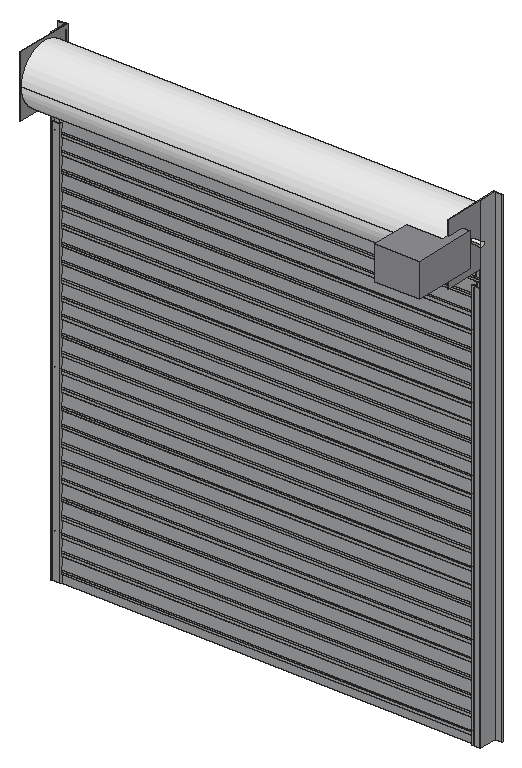
Revit family "Upward-Coiling-Security-Grilles_OHD_Model-674_compact", category Specialty Equipment, host Wall, Revit 2023 (continued)
Definition of nested family "Motor"
  Definition of nested family "2D_NotScalableMain_29e791da-3db9-4234-ab15-44456784202b"
    Lines and regions (in)
      Masking region 5, in view "Ref. Level", visible <- "Wall Mount"
        outline origin (0, 0, 0) x (1, 0, 0) y (0, 1, 0)
          loop
            line (2.988, 1.46193) -> (3.108, 1.46193) -> (3.108, 4.96193) -> (4.988, 4.96193) -> (4.988, 5.08193) -> (2.988, 5.08193) -> (2.988, 1.46193)
      Masking region 6, in view "Ref. Level", visible <- "Bench Mount"
        outline origin (0, 0, 0) x (1, 0, 0) y (0, 1, 0)
          loop
            line (-7.24, 9.2698) -> (-7.1205, 9.2698) -> (-7.1205, 9.1098) -> (-4.3324, 9.1098) -> (-4.3324, 17.4298) -> (-7.1205, 17.4298) -> (-7.1205, 17.2698) -> (-7.24, 17.2698) -> (-7.24, 9.2698)
      Masking region 7, in view "Ref. Level", visible <- "Chain Hoist"
        outline origin (0, -6.98957, 0) x (1, 0, 0) y (0, 1, 0)
          loop
            line (4.7396, 6.58957) -> (7.2495, 6.58957) -> (7.2495, 3.98957) -> (7.52, 3.98957) -> (7.52, 6.58957) -> (8.82, 6.58957) -> (8.82, 7.38957) -> (7.52, 7.38957) -> (7.52, 9.98957) -> (7.2495, 9.98957) -> (7.2495, 7.38957) -> (4.7396, 7.38957) -> (4.7396, 6.58957)
      Masking region 8, in view "Ref. Level", visible <- "E-Egress"
        outline origin (0, 0, 0) x (1, 0, 0) y (0, 1, 0)
          loop
            line (-6.9985, -0.96741) -> (-5.7485, -0.96741) -> (-5.7485, -0.30491) -> (-5.5274, -0.30491) -> (-5.5274, -1.76746) -> (-5.42825, -1.86661) -> (-4.5757, -1.86661) -> (-4.5757, -3.22517) -> (-4.134, -3.22517) -> (-4.134, -5.05565) -> (-4.3324, -5.05565) -> (-4.3324, -5.3122)
            arc (-4.3324, -5.3122) -> (-4.24466, -5.55085) -> (-4.02324, -5.67585) r 0.36846
            arc (-4.02324, -5.67585) -> (0, -6.0017) -> (4.02324, -5.67585) r 25
            arc (4.02324, -5.67585) -> (4.24466, -5.55085) -> (4.3324, -5.3122) r 0.36846
            line (4.3324, -5.3122) -> (4.3324, -5.05565) -> (4.116, -5.05565) -> (4.116, -3.22517) -> (4.57, -3.22517) -> (4.57, -1.27241) -> (4.799, -1.27241) -> (4.799, -0.84111) -> (5.199, -0.84111) -> (5.199, 0.79) -> (7.2495, 0.79) -> (7.2495, -1.81) -> (7.52, -1.81) -> (7.52, 0.79) -> (8.82, 0.79) -> (8.82, 1.59) -> (7.52, 1.59) -> (7.52, 4.19) -> (7.2495, 4.19) -> (7.2495, 1.59) -> (4.57, 1.59) -> (4.57, 3.22517) -> (2.988, 3.22517) -> (2.988, 4.96193) -> (-2.988, 4.96193) -> (-2.988, 3.22517) -> (-4.5757, 3.22517) -> (-4.5757, 1.86661) -> (-5.42825, 1.86661) -> (-5.5274, 1.76746) -> (-5.5274, 0.30491) -> (-5.7485, 0.30491) -> (-5.7485, 0.96741) -> (-6.9985, 0.96741) -> (-6.9985, -0.96741)
      reference lines, in view "Ref. Level"
        curve 1: line (0, 0, 0) -> (0, 0.125, 0)
        curve 2: line (0, 0, 0) -> (0.125, 0, 0)
      detail lines, in view "Ref. Level", visible <- "Not Top + Bench"
        curve 3: line (7.2495, 4.19, 0) -> (7.2495, -1.81, 0)
        curve 4: line (7.52, 4.19, 0) -> (7.52, -1.81, 0)
        curve 5: line (-4.134, -2.29347, 0) -> (-4.134, -5.05565, 0)
        curve 6: line (4.116, -2.29347, 0) -> (4.116, -5.05565, 0)
        curve 7: line (-4.134, -2.41307, 0) -> (4.116, -2.41307, 0)
        curve 8: line (4.116, -2.29347, 0) -> (3.108, -2.29347, 0)
        curve 9: line (2.988, -2.17347, 0) -> (2.988, 4.96193, 0)
        curve 10: line (2.988, 4.96193, 0) -> (-2.988, 4.96193, 0)
        curve 11: line (-2.988, 4.96193, 0) -> (-2.988, -2.17347, 0)
        curve 12: arc (-2.988, -2.17347, 0) -> (-3.02315, -2.25832, 0) -> (-3.108, -2.29347, 0) r 0.12
        curve 13: arc (3.108, -2.29347, 0) -> (3.02315, -2.25832, 0) -> (2.988, -2.17347, 0) r 0.12
        curve 14: line (4.57, -3.22517, 0) -> (4.57, 0.77483, 0)
        curve 15: line (4.799, -1.27241, 0) -> (4.799, 0.77483, 0)
        curve 16: line (5.199, -0.84111, 0) -> (5.199, 0.77483, 0)
        curve 17: line (-4.5757, -3.22517, 0) -> (-4.5757, 3.22517, 0)
        curve 18: line (-5.42825, -1.86661, 0) -> (-5.42825, 1.86661, 0)
        curve 19: line (-5.5274, 1.76746, 0) -> (-5.5274, -1.76746, 0)
        curve 20: line (-5.7485, -0.96741, 0) -> (-5.7485, 0.96741, 0)
        curve 21: line (-4.134, -2.29347, 0) -> (-3.108, -2.29347, 0)
        curve 22: line (5.199, 0.77483, 0) -> (2.988, 0.77483, 0)
        curve 23: line (4.57, 1.59, 0) -> (2.988, 1.59, 0)
      detail lines, in view "Ref. Level", visible <- "Top + Bench"
        curve 24: line (-4.5757, -3.22517, 0) -> (-4.5757, 3.22517, 0)
        curve 25: line (-5.42825, 1.86661, 0) -> (-5.42825, -1.86661, 0)
        curve 26: line (-5.5274, 1.76746, 0) -> (-5.5274, -1.76746, 0)
        curve 27: line (-5.7485, -0.96741, 0) -> (-5.7485, 0.96741, 0)
        curve 28: line (-4.3324, 1.8898, 0) -> (-4.3324, 19.24819, 0)
        curve 29: line (-4.3324, 1.8898, 0) -> (4.3324, 1.8898, 0)
        curve 30: line (4.3324, 1.8898, 0) -> (4.3324, 19.24819, 0)
        curve 31: line (4.57, 3.22517, 0) -> (4.57, -3.22517, 0)
        curve 32: line (4.799, 1.27241, 0) -> (4.799, -1.22759, 0)
        curve 37: line (2.988, 20.0298, 0) -> (2.988, 19.24819, 0)
        curve 38: line (-2.988, 20.0298, 0) -> (-2.988, 19.24819, 0)
        curve 39: line (-3.108, 19.24819, 0) -> (-0.988, 19.24819, 0)
        curve 40: line (0.988, 19.24819, 0) -> (3.108, 19.24819, 0)
      detail lines, in view "Ref. Level", visible <- "Chain Hoist"
        curve 33: line (7.2495, 3, 0) -> (7.2495, -3, 0)
        curve 34: line (7.52, -3, 0) -> (7.52, 3, 0)
      detail lines, in view "Ref. Level", visible <- "Bench Mount"
        curve 35: line (-7.1205, 17.4298, 0) -> (-7.1205, 9.1098, 0)
        curve 36: line (-6.9985, 17.4298, 0) -> (-6.9985, 9.1098, 0)
      detail lines, in view "Ref. Level", visible <- "E-Egress"
        curve 41: line (7.2495, 4.19, 0) -> (7.2495, -1.81, 0)
        curve 42: line (7.52, 4.19, 0) -> (7.52, -1.81, 0)
        curve 43: line (-4.134, -2.29347, 0) -> (-4.134, -5.05565, 0)
        curve 44: line (4.116, -2.29347, 0) -> (4.116, -5.05565, 0)
        curve 45: line (-4.134, -2.41307, 0) -> (4.116, -2.41307, 0)
        curve 46: line (4.116, -2.29347, 0) -> (3.108, -2.29347, 0)
        curve 47: line (2.988, -2.17347, 0) -> (2.988, 4.96193, 0)
        curve 48: line (2.988, 4.96193, 0) -> (-2.988, 4.96193, 0)
        curve 49: line (-2.988, 4.96193, 0) -> (-2.988, -2.17347, 0)
        curve 50: arc (-2.988, -2.17347, 0) -> (-3.02315, -2.25832, 0) -> (-3.108, -2.29347, 0) r 0.12
        curve 51: arc (3.108, -2.29347, 0) -> (3.02315, -2.25832, 0) -> (2.988, -2.17347, 0) r 0.12
        curve 52: line (4.57, -3.22517, 0) -> (4.57, 0.77483, 0)
        curve 53: line (4.799, -1.27241, 0) -> (4.799, 0.77483, 0)
        curve 54: line (5.199, -0.84111, 0) -> (5.199, 0.77483, 0)
        curve 55: line (-4.5757, -3.22517, 0) -> (-4.5757, 3.22517, 0)
        curve 56: line (-5.42825, -1.86661, 0) -> (-5.42825, 1.86661, 0)
        curve 57: line (-5.5274, 1.76746, 0) -> (-5.5274, -1.76746, 0)
        curve 58: line (-5.7485, -0.96741, 0) -> (-5.7485, 0.96741, 0)
        curve 59: line (-4.134, -2.29347, 0) -> (-3.108, -2.29347, 0)
        curve 60: line (5.199, 0.77483, 0) -> (2.988, 0.77483, 0)
        curve 61: line (4.57, 1.59, 0) -> (2.988, 1.59, 0)
    Dimensions and locks (in)
      curve 1 to curve 1 = 1/8"
      curve 2 to curve 2 = 1/8"
      aligned and locked: plane 1 "Center (Front/Back)" to curve 1
      aligned and locked: plane 3 "Center (Left/Right)" to curve 1
      aligned and locked: plane 1 "Center (Front/Back)" to curve 2
Definition of nested family "626"
  Parameters (values of type "Vision lites 1”x10” - Gray")
    Void Width = 1"  # constant formula
    Void Offset [instance] = 3/8"
    Void Height [instance] = 3.544"  # constant formula
    Slat Width [instance] = 0.438"  # constant formula
    Slat Position + Offset [instance] = Slat Position + Cutout Vertical Offset  # 16.658"
    Slat Position [instance] = 4.762" * 3  # 14.286"
    Slat Option [instance] = 3
    Rough Height = 0"
    Perforation = yes
    Cutout Width Offset [instance] = 1"  # constant formula
    Cutout Width = 0.094"  # constant formula
    Cutout Thickness [instance] = 3/4"  # constant formula
    Cutout Material 1 = none
    Cutout Horizontal Offset [instance] = 1"  # constant formula
    Panel Material = none
    Opening Width [instance] = 128"
    Cutout Vertical Offset [instance] = 2.372"  # constant formula
    Default Elevation = 48"
    Analytic Construction = "<None>"
  Reference planes (in)
    plane 1 "Center (Front/Back)": y = 0
    plane 2: z = 0
    plane 3 "Center (Left/Right)": x = 0
    plane 4: x = -64
    plane 5: x = 64
    plane 6: y = 0.438
    plane 7: y = 0.219
    plane 8: y = 0.08988
    plane 9: x = -63
    plane 10: x = 63
  Forms (in)
    Extrusion 1, void
      sketch origin (0, 0, 0) x (0, 1, 0) y (0, 0, 1)
        loop
          line (-0.41012, 4.144) -> (-0.41012, 0.6) -> (0.58988, 0.6) -> (0.58988, 4.144) -> (-0.41012, 4.144)
        loop
          line (-0.41012, 8.906) -> (-0.41012, 5.362) -> (0.58988, 5.362) -> (0.58988, 8.906) -> (-0.41012, 8.906)
        loop
          line (-0.41012, 13.668) -> (-0.41012, 10.124) -> (0.58988, 10.124) -> (0.58988, 13.668) -> (-0.41012, 13.668)
      from -63 to 63
    Extrusion 2, solid, material <- "Panel Material"
      sketch origin (0, -4.90531, 12.78) x (0, 1, 0) y (0, 0, 1)
        loop
          line (5.34274, -12.79582) -> (5.3608, -12.54647) -> (5.2692, -12.26013)
          arc (5.2692, -12.26013) -> (5.25294, -12.24443) -> (5.23087, -12.24936) r 0.02386
          line (5.23087, -12.24936) -> (5.02449, -12.42787) -> (5.32975, -8.21273) -> (5.236, -8.20594)
          arc (5.236, -8.20594) -> (5.31056, -8.13277) -> (5.34274, -8.03338) r 0.219
          line (5.34274, -8.03338) -> (5.3608, -7.78403) -> (5.2692, -7.49769)
          arc (5.2692, -7.49769) -> (5.25294, -7.48199) -> (5.23087, -7.48692) r 0.02386
          line (5.23087, -7.48692) -> (5.02449, -7.66543) -> (5.32975, -3.45029) -> (5.236, -3.4435)
          arc (5.236, -3.4435) -> (5.31056, -3.37033) -> (5.34274, -3.27094) r 0.219
          line (5.34274, -3.27094) -> (5.3608, -3.02159) -> (5.2692, -2.73525)
          arc (5.2692, -2.73525) -> (5.25294, -2.71955) -> (5.23087, -2.72448) r 0.02386
          line (5.23087, -2.72448) -> (5.02449, -2.90299) -> (5.32975, 1.31215) -> (5.236, 1.31894) -> (4.92394, -2.98995) -> (4.8758, -3.65469) -> (5.17474, -3.80795)
          arc (5.17474, -3.80795) -> (5.1984, -3.80749) -> (5.21108, -3.78751) r 0.025
          line (5.21108, -3.78751) -> (4.92394, -7.75239) -> (4.8758, -8.41713) -> (5.17474, -8.57039)
          arc (5.17474, -8.57039) -> (5.1984, -8.56993) -> (5.21108, -8.54995) r 0.025
          line (5.21108, -8.54995) -> (4.92394, -12.51483) -> (4.8758, -13.17957) -> (5.17474, -13.33283)
          arc (5.17474, -13.33283) -> (5.1984, -13.33237) -> (5.21108, -13.31239) r 0.025
          line (5.21108, -13.31239) -> (5.236, -12.96838)
          arc (5.236, -12.96838) -> (5.31056, -12.89521) -> (5.34274, -12.79582) r 0.219
      from -64 to 64
  Cuts and joins
    Extrusion 1 cuts Extrusion 2
  Lines and regions (in)
    reference lines
      curve 1: line (0, -2.86663, 16.658) -> (0, 7.54137, 16.658)
      curve 2: line (0, -2.86663, 11.896) -> (0, 7.54137, 11.896)
      curve 3: line (0, -2.86663, 2.372) -> (0, 7.54137, 2.372)
      curve 4: line (0, -2.86663, 7.134) -> (0, 7.54137, 7.134)
  Dimensions and locks (in)
    equal spacing: plane 4, plane 3 "Center (Left/Right)", plane 5
    "Opening Width": plane 4 to plane 5
    "Slat Width": plane 1 "Center (Front/Back)" to plane 6
    equal spacing: plane 1 "Center (Front/Back)", plane 7, plane 6
    "Cutout Width Offset": plane 4 to plane 9
    "Cutout Width Offset": plane 5 to plane 10
    "Void Height": Extrusion 1 sketch curve to Extrusion 1 sketch curve  (x3)
    "Slat Position": curve 3 to curve 1
    equal spacing: Extrusion 1 sketch curve, curve 3, Extrusion 1 sketch curve
    equal spacing: Extrusion 1 sketch curve, curve 2, Extrusion 1 sketch curve
    equal spacing: curve 3, curve 4, curve 2, curve 1
    equal spacing: Extrusion 1 sketch curve, curve 4, Extrusion 1 sketch curve
    "Cutout Vertical Offset": curve 3 to plane 2
    "Void Width": Extrusion 1 sketch curve to Extrusion 1 sketch curve
    equal spacing: Extrusion 1 sketch curve, plane 8, Extrusion 1 sketch curve
    locked: plane 1 "Center (Front/Back)" to plane 8 at 0.08988
    aligned and locked: plane 2 to level
    aligned and locked: plane 8 to nested 1
    aligned and locked: plane 3 "Center (Left/Right)" to nested 1
    aligned and locked: Extrusion 1 sketch curve to Extrusion 1 sketch curve  (x4)
    aligned and locked: plane 9 to Extrusion 1
    aligned and locked: plane 10 to Extrusion 1
    aligned and locked: plane 3 "Center (Left/Right)" to nested 2
    aligned and locked: plane 3 "Center (Left/Right)" to nested 3
    aligned and locked: plane 8 to nested 2
    aligned and locked: plane 8 to nested 3
    aligned and locked: plane 5 to Extrusion 2
    aligned and locked: plane 4 to Extrusion 2
  Automatic sketch dimensions
    plane 1 "Center (Front/Back)" to curve 4 = 2.86663"
    curve 2 to curve 4 = 0"
    curve 3 to curve 4 = 0"
    curve 1 to plane 6 = 7.10337"
    curve 2 to plane 6 = 7.10337"
    curve 3 to curve 2 = 0"
    curve 4 to curve 2 = 0"
    Extrusion 2 sketch curve to Extrusion 2 sketch curve = 0"  (x6)
    Extrusion 2 sketch curve to Extrusion 2 sketch curve = 0.04814"  (x3)
    Extrusion 2 sketch curve to Extrusion 2 sketch curve = 0.10054"  (x3)
    Extrusion 2 sketch curve to Extrusion 2 sketch curve = 0.20037"  (x3)
    Extrusion 2 sketch curve to Extrusion 2 sketch curve = 0.29894"  (x3)
    Extrusion 2 sketch curve to Extrusion 2 sketch curve = 0.01141"  (x3)
    Extrusion 2 sketch curve to Extrusion 2 sketch curve = 0.02493"  (x3)
    Extrusion 2 sketch curve to Extrusion 2 sketch curve = 0.20639"  (x3)
    Extrusion 2 sketch curve to Extrusion 2 sketch curve = 0.11168"  (x3)
    Extrusion 2 sketch curve to Extrusion 2 sketch curve = 1/64"  (x3)
    Extrusion 2 sketch curve to Extrusion 2 sketch curve = 0.02272"  (x3)
    Extrusion 2 sketch curve to Extrusion 2 sketch curve = 3/32"  (x3)
    Extrusion 2 sketch curve to Extrusion 2 sketch curve = 0.01299"  (x2)
    Extrusion 2 sketch curve to Extrusion 2 sketch curve = 0.10674"
    Extrusion 2 sketch curve to Extrusion 2 sketch curve = 0.01806"  (x2)
    Extrusion 2 sketch curve to Extrusion 2 sketch curve = 0.17256"
    Extrusion 2 sketch curve to Extrusion 2 sketch curve = 0.00679"  (x2)
    Extrusion 2 sketch curve to Extrusion 2 sketch curve = 0.21119"  (x3)
    Extrusion 2 sketch curve to Extrusion 2 sketch curve = 0.13101"  (x2)
    Extrusion 2 sketch curve to Extrusion 2 sketch curve = 0.17851"  (x2)
    Extrusion 2 sketch curve to Extrusion 2 sketch curve = 0.08696"  (x3)
    Extrusion 2 sketch curve to Extrusion 2 sketch curve = 0.23353"  (x3)
    Extrusion 2 sketch curve to Extrusion 2 sketch curve = 0.01582"  (x2)
    Extrusion 2 sketch curve to Extrusion 2 sketch curve = 0.00512"
    plane 1 "Center (Front/Back)" to curve 1 = 2.86663"
    Extrusion 2 sketch curve to level = 0"
    Extrusion 2 sketch curve to plane 7 = 0"
    Extrusion 2 sketch curve to plane 6 = 0.01749"
    Extrusion 2 sketch curve to Extrusion 2 sketch curve = 0.26517"
  Nested families (in)
    nested 1: "Perforation" at (0, 0.08988, 2.372), type "Perforation"
      with Thickness 0.094"
    nested 2: "Perforation" at (0, 0.08988, 7.134), type "Perforation"
      with Thickness 0.094"
    nested 3: "Perforation" at (0, 0.08988, 11.896), type "Perforation"
      with Thickness 0.094"
  Definition of nested family "Perforation"
    Parameters (values of type "Perforation")
      Thickness = 0.438"
      Perforation = none
      Opening Width = 128"
      Offset = 1"
      Height = 3.544"
      Default Elevation = 48"
    Reference planes (in)
      plane 1 "Center (Front/Back)": y = 0
      plane 2: z = 0
      plane 3 "Center (Left/Right)": x = 0
      plane 4: z = 1.772
      plane 5: z = -1.772
      plane 6: y = -0.219
      plane 7: y = 0.219
      plane 8: x = -64
      plane 9: x = 64
      plane 10: x = -63
      plane 11: x = 63
    Forms (in)
      Extrusion 1, solid, material <- "Perforation"
        sketch origin (0, -0.19, 0) x (0, 1, 0) y (0, 0, 1)
          loop
            line (0.22766, 1.772) -> (-0.029, -1.772) -> (0.41015, -1.772) -> (0.66681, 1.772) -> (0.22766, 1.772)
        from -63 to 63
    Dimensions and locks (in)
      equal spacing: plane 4, level, plane 5
      "Height": plane 4 to plane 5
      equal spacing: plane 6, plane 1 "Center (Front/Back)", plane 7
      "Thickness": plane 6 to plane 7
      "Opening Width": plane 8 to plane 9
      "Offset": plane 8 to plane 10
      "Offset": plane 9 to plane 11
      equal spacing: plane 8, plane 3 "Center (Left/Right)", plane 9
      "Thickness": Extrusion 1 sketch curve to Extrusion 1 sketch curve
      locked: plane 5 to Extrusion 1 sketch curve (angle 85.8578°)  (x2)
      aligned and locked: plane 2 to level
      aligned and locked: plane 4 to Extrusion 1
      aligned and locked: Extrusion 1 to plane 10
      aligned and locked: plane 11 to Extrusion 1
      aligned and locked: Extrusion 1 sketch curve to plane 5
      aligned and locked: Extrusion 1 sketch curve to plane 4
      aligned and locked: plane 6 to Extrusion 1 sketch curve
Definition of nested family "Label Annotation 1"
  Parameters (values of type "Label Annotation 1-8")
    Label = "Area is too big. Please reduce Door Size."
  Reference planes (in)
    plane 1: y = 0
    plane 2: x = 0
  Text (in)
    label "Label" at (0.00375, -0.00345, 0), shows "Label"
Definition of nested family "Warning Sign"
  Parameters (values of type "Warning Sign")
    Warning Sign [instance] = no
    Default Elevation = 48"
  Reference planes (in)
    plane 1 "Center (Front/Back)": y = 0
    plane 2: z = 0
    plane 3 "Center (Left/Right)": x = 0
    plane 4: y = 0.5
    plane 5: y = -0.5
    plane 6: y = 1
    plane 7: y = 0.25
  Lines and regions (in)
    model lines
      curve 1: line (-2.26129, 1, 45.69444) -> (-26.3817, 1, 3.91667)
      curve 2: line (-25.25106, 1, 3.26389) -> (-1.13064, 1, 45.04167)
      curve 3: arc (2.26129, 1, 45.69444) -> (0, 1, 47) -> (-2.26129, 1, 45.69444) r 2.61111
      curve 4: arc (-1.13064, 1, 45.04167) -> (0, 1, 45.69444) -> (1.13064, 1, 45.04167) r 1.30556
      curve 5: line (1.13064, 1, 45.04167) -> (25.25106, 1, 3.26389)
      curve 6: line (26.3817, 1, 3.91667) -> (2.26129, 1, 45.69444)
      curve 7: arc (25.25106, 1, 3.26389) -> (25.25106, 1, 1.95833) -> (24.12041, 1, 1.30556) r 1.30556
      curve 8: arc (24.12041, 1, 0) -> (26.3817, 1, 1.30556) -> (26.3817, 1, 3.91667) r 2.61111
      curve 9: line (24.12041, 1, 1.30556) -> (-24.12041, 1, 1.30556)
      curve 10: line (-24.12041, 1, 0) -> (24.12041, 1, 0)
      curve 11: arc (-24.12041, 1, 1.30556) -> (-25.25106, 1, 1.95833) -> (-25.25106, 1, 3.26389) r 1.30556
      curve 12: arc (-26.3817, 1, 3.91667) -> (-26.3817, 1, 1.30556) -> (-24.12041, 1, 0) r 2.61111
      curve 13: arc (-2.29479, 1, 8.63537) -> (0, 1, 6.34057) -> (2.29479, 1, 8.63537) r 2.29479
      curve 14: arc (2.29479, 1, 8.63537) -> (0, 1, 10.93016) -> (-2.29479, 1, 8.63537) r 2.29479
      curve 15: arc (-1.6331, 1, 13.97069) -> (0.03439, 1, 12.53727) -> (1.69278, 1, 13.98121) r 1.68043
      curve 16: line (-3.77413, 1, 28.37873) -> (-1.6331, 1, 13.97069)
      curve 17: line (1.69278, 1, 13.98121) -> (3.73924, 1, 28.37873)
      curve 18: arc (3.73924, 1, 28.37873) -> (-0.01745, 1, 32.13541) -> (-3.77413, 1, 28.37873) r 3.75668
      curve 19: line (-2.26129, -0.5, 45.69444) -> (-26.3817, -0.5, 3.91667)
      curve 20: line (-25.25106, -0.5, 3.26389) -> (-1.13064, -0.5, 45.04167)
      curve 21: arc (2.26129, -0.5, 45.69444) -> (0, -0.5, 47) -> (-2.26129, -0.5, 45.69444) r 2.61111
      curve 22: arc (-1.13064, -0.5, 45.04167) -> (0, -0.5, 45.69444) -> (1.13064, -0.5, 45.04167) r 1.30556
      curve 23: line (1.13064, -0.5, 45.04167) -> (25.25106, -0.5, 3.26389)
      curve 24: line (26.3817, -0.5, 3.91667) -> (2.26129, -0.5, 45.69444)
      curve 25: arc (25.25106, -0.5, 3.26389) -> (25.25106, -0.5, 1.95833) -> (24.12041, -0.5, 1.30556) r 1.30556
      curve 26: arc (24.12041, -0.5, 0) -> (26.3817, -0.5, 1.30556) -> (26.3817, -0.5, 3.91667) r 2.61111
      curve 27: line (24.12041, -0.5, 1.30556) -> (-24.12041, -0.5, 1.30556)
      curve 28: line (-24.12041, -0.5, 0) -> (24.12041, -0.5, 0)
      curve 29: arc (-24.12041, -0.5, 1.30556) -> (-25.25106, -0.5, 1.95833) -> (-25.25106, -0.5, 3.26389) r 1.30556
      curve 30: arc (-26.3817, -0.5, 3.91667) -> (-26.3817, -0.5, 1.30556) -> (-24.12041, -0.5, 0) r 2.61111
      curve 31: arc (-2.29479, -0.5, 8.63537) -> (0, -0.5, 6.34057) -> (2.29479, -0.5, 8.63537) r 2.29479
      curve 32: arc (2.29479, -0.5, 8.63537) -> (0, -0.5, 10.93016) -> (-2.29479, -0.5, 8.63537) r 2.29479
      curve 33: arc (-1.6331, -0.5, 13.97069) -> (0.03439, -0.5, 12.53727) -> (1.69278, -0.5, 13.98121) r 1.68043
      curve 34: line (-3.77413, -0.5, 28.37873) -> (-1.6331, -0.5, 13.97069)
      curve 35: line (1.69278, -0.5, 13.98121) -> (3.73924, -0.5, 28.37873)
      curve 36: arc (3.73924, -0.5, 28.37873) -> (-0.01745, -0.5, 32.13541) -> (-3.77413, -0.5, 28.37873) r 3.75668
  Dimensions and locks (in)
    locked: plane 1 "Center (Front/Back)" to plane 4 at 0.5
    equal spacing: plane 1 "Center (Front/Back)", plane 7, plane 4
    locked: plane 4 to plane 6 at 0.5
    locked: plane 5 to plane 1 "Center (Front/Back)" at 0.5
    aligned and locked: plane 2 to level
  Automatic sketch dimensions
    curve 21 to curve 22 = 0"  (x2)
    curve 25 to curve 26 = 0"  (x2)
    curve 29 to curve 30 = 0"  (x2)
    curve 31 to curve 32 = 0"  (x2)
    curve 21 to plane 3 "Center (Left/Right)" = 0"
    curve 31 to plane 3 "Center (Left/Right)" = 0"
    curve 30 to level = 0"
    level to curve 27 = 1.30556"
    curve 26 to curve 27 = 1.30556"
    curve 29 to curve 27 = 1.30556"
    curve 23 to curve 25 = 0.65278"
    curve 20 to curve 29 = 0.65278"
    curve 24 to curve 23 = 0.65278"
    curve 19 to curve 20 = 0.65278"
    level to curve 32 = 8.63537"
    curve 34 to plane 3 "Center (Left/Right)" = 1.6331"
    curve 34 to curve 31 = 5.33532"
    plane 3 "Center (Left/Right)" to curve 35 = 1.69278"
    curve 35 to curve 34 = 0.01052"
    plane 3 "Center (Left/Right)" to curve 33 = 0.02908"
    curve 36 to plane 3 "Center (Left/Right)" = 0.01745"
    curve 36 to curve 33 = 14.16104"
    curve 22 to curve 36 = 16.01016"
    plane 3 "Center (Left/Right)" to curve 23 = 1.13064"
    curve 23 to curve 21 = 0.65278"
    curve 20 to plane 3 "Center (Left/Right)" = 1.13064"
    plane 3 "Center (Left/Right)" to curve 24 = 2.26129"
    curve 24 to curve 22 = 0.65278"
    curve 19 to plane 3 "Center (Left/Right)" = 2.26129"
    curve 34 to curve 36 = 3.75668"
    curve 30 to plane 3 "Center (Left/Right)" = 24.12041"
    plane 3 "Center (Left/Right)" to curve 25 = 24.12041"
    curve 31 to curve 31 = 2.29479"
    curve 3 to curve 4 = 0"  (x2)
    curve 7 to curve 8 = 0"  (x2)
    curve 11 to curve 12 = 0"  (x2)
    curve 13 to curve 14 = 0"  (x2)
    curve 3 to plane 3 "Center (Left/Right)" = 0"
    curve 13 to plane 3 "Center (Left/Right)" = 0"
    curve 12 to level = 0"
    level to curve 9 = 1.30556"
    curve 8 to curve 9 = 1.30556"
    curve 11 to curve 9 = 1.30556"
    curve 5 to curve 7 = 0.65278"
    curve 2 to curve 11 = 0.65278"
    curve 6 to curve 5 = 0.65278"
    curve 1 to curve 2 = 0.65278"
    level to curve 14 = 8.63537"
    curve 16 to plane 3 "Center (Left/Right)" = 1.6331"
    curve 16 to curve 13 = 5.33532"
    plane 3 "Center (Left/Right)" to curve 17 = 1.69278"
    curve 17 to curve 16 = 0.01052"
    plane 3 "Center (Left/Right)" to curve 15 = 0.02908"
    curve 18 to plane 3 "Center (Left/Right)" = 0.01745"
    curve 18 to curve 15 = 14.16104"
    curve 4 to curve 18 = 16.01016"
    plane 3 "Center (Left/Right)" to curve 5 = 1.13064"
    curve 5 to curve 3 = 0.65278"
    curve 2 to plane 3 "Center (Left/Right)" = 1.13064"
    plane 3 "Center (Left/Right)" to curve 6 = 2.26129"
    curve 6 to curve 4 = 0.65278"
    curve 1 to plane 3 "Center (Left/Right)" = 2.26129"
    curve 16 to curve 18 = 3.75668"
    curve 12 to plane 3 "Center (Left/Right)" = 24.12041"
    plane 3 "Center (Left/Right)" to curve 7 = 24.12041"
    curve 13 to curve 13 = 2.29479"
Types (9): name | Voltage | Operator Visibility | Number of Poles | Hood Offset | Headroom Height Real | Headroom Height | Frequency | Door Height True | Door Height (Real) | Floor To (CL) of Shaft | Chain Hoist or Manual | Current | Calculated Area | Apparent Load Phase 3 | Apparent Load Phase 2 | Apparent Load Phase 1
  115 volts, one phase, 60 Hz (110-120V range) | 115 V | yes | 1 | 5" | 23" | 23" | 60 Hz | 143" | 125" | 134" | no | 20 A | 104.601 SF | 0 VA | 0 VA | 2300 VA
  Chain Hoist | 0 V | yes | 1 | 3" | 21" | 21" | 0 Hz | 141" | 123" | 132" | yes | 0 A | 102.927 SF | 0 VA | 0 VA | 0 VA
  Manual push-up | 0 V | no | 1 | 3" | 21" | 21" | 0 Hz | 141" | 123" | 132" | yes | 0 A | 102.927 SF | 0 VA | 0 VA | 0 VA
  230 volts, three phase, 60 Hz (208-245V range) | 230 V | yes | 3 | 5" | 23" | 23" | 60 Hz | 143" | 125" | 134" | no | 20 A | 104.601 SF | 2655.81 VA | 2655.81 VA | 2655.81 VA
  230 volts, single phase, 60 Hz (208-245V range) | 230 V | yes | 1 | 5" | 23" | 23" | 60 Hz | 143" | 125" | 134" | no | 20 A | 104.601 SF | 0 VA | 0 VA | 4600 VA
  460 volts, three phase, 60 Hz (456-495V range) | 460 V | yes | 3 | 5" | 23" | 23" | 60 Hz | 143" | 125" | 134" | no | 20 A | 104.601 SF | 5311.62 VA | 5311.62 VA | 5311.62 VA
  208 volts, one phase, 60 Hz (190-207V range) | 208 V | yes | 1 | 5" | 23" | 23" | 60 Hz | 143" | 125" | 134" | no | 20 A | 104.601 SF | 0 VA | 0 VA | 4160 VA
  208 volts, three phase, 60 Hz (190-207V range) | 208 V | yes | 3 | 5" | 23" | 23" | 60 Hz | 143" | 125" | 134" | no | 20 A | 104.601 SF | 2401.78 VA | 2401.78 VA | 2401.78 VA
  575 volts, three phase, 60 Hz | 575 V | yes | 3 | 5" | 23" | 23" | 60 Hz | 143" | 125" | 134" | no | 20 A | 104.601 SF | 6639.53 VA | 6639.53 VA | 6639.53 VA
